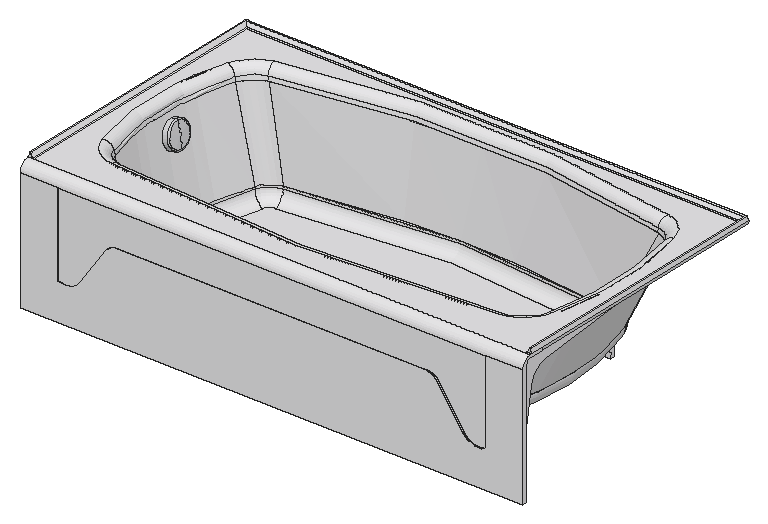
Revit family "Bath-Alcove-KOHLER-Seaforth-K-745", category Plumbing Fixtures, host Face, Revit 2015
Parameters (values of type "0-White")
  Width = 30 1/4"  # constant formula
  Waste Water Outlet = "Waste Water Outlet"  # constant formula
  Waste Connection = 1 = 1  # yes
  Vent Connection = 1 = 0  # no
  URL = "https://www.us.kohler.com/us/"
  Type = 1
  Product Page URL = "http://www.us.kohler.com/us/catalog/productDetails.jsp?productNumber=745"
  Product Name = "Seaforth"  # constant formula
  Product Documentation Link = "https://www.us.kohler.com/webassets/kpna/catalog/pdf/en/K-745_spec.pdf"
  Model = if(Type = 1, "K-745-0", if(Type = 2, "K-745-96", if(Type = 3, "K-745-47", "NA")))  # "K-745-0"
  Material = "Enameled Cast Iron"  # constant formula
  MasterFormat 2004 = "22.41.19"  # constant formula
  MasterFormat 1995 = "15410"  # constant formula
  Manufacturer Address = "444 Highland Dr, Kohler, WI 53044"  # constant formula
  Manufacturer = "KOHLER Co."  # constant formula
  Length = 54"  # constant formula
  Hot Water Inlet = "Hot Water Inlet"  # constant formula
  Height = 14"  # constant formula
  HW Connection = 1 = 0  # no
  Finish = Kohler-Enameled_Cast_Iron-0-White
  Environmental Product Declaration = ""
  Drain Included = 1 = 0  # no
  Description = "54 Inch x 31 Inch alcove bath with left-hand drain"  # constant formula
  Default Elevation = 0"
  Declare Label = ""
  Date Modified = "01/22/2019"  # constant formula
  Date Created = "01/22/2019"  # constant formula
  Copyright = "Copyright KOHLER Co."  # constant formula
  Contact Us = "https://www.us.kohler.com/us/static/contact.jsp"
  Cold Water Inlet = "Cold Water Inlet"  # constant formula
  CW Connection = 1 = 0  # no
  Assembly Code = "D2010500"
  ADA Compliant = 1 = 1  # yes
Types (4): name | Type | Model | Finish
  (no name) | 1 | "K-745-0" | Kohler-Enameled_Cast_Iron-0-White
  0-White | 1 | "K-745-0" | Kohler-Enameled_Cast_Iron-0-White
  96-Biscuit | 2 | "K-745-96" | Kohler-Enameled_Cast_Iron-96-Biscuit
  47-Almond | 3 | "K-745-47" | Kohler-Enameled_Cast_Iron-47-Almond
Reference planes (in)
  plane 1 "Center (Front/Back)": y = 0
  plane 2: z = 0
  plane 3 "Center (Left/Right)": x = 0
  plane 4: y = 14
  plane 5: y = -16.25
  plane 6: x = -27
  plane 7: x = 27
  plane 8: z = 14
  plane 9: x = 18.5
  plane 10: x = -26.125
  plane 11: x = -25.375
Dimensions and locks (in)
  "Length": plane 6 to plane 7
  "Width": plane 5 to plane 4
  "Height": plane 8 to plane 2
  equal spacing: plane 6, plane 3 "Center (Left/Right)", plane 7
  locked: plane 1 "Center (Front/Back)" to plane 4 at 14
  locked: plane 9 to plane 7 at 8.5
  plane 10 to plane 11 = 3/4"
  aligned and locked: plane 2 to host face
  aligned and locked: level to host face
Automatic sketch dimensions
  host sketch curve to host sketch curve = 96"  (x2)
Nested families (in)
  nested 1: "K-745" at (0, -0.5, 0), type "K-745"
Connectors (in)
  piping at (-18.5, 0, 0.500251), diameter 1.5, driven by "Waste Connection", driven by "Waste Water Outlet"
    settings: on nested 1, index 1, connector inside diameter 24", connector length 0", flow factor 0, pipe flow 0 GPM, pressure drop 0.00 psi, fitting loss kfactor 0, connector angle 0.00°, fixture units 0, engagement length 0", angle of deflection 0.00°, flow configuration 0, flow direction 2, fitting loss method 0, system type 16, joint type 0, gender type 0, connector reference index -1, connector utility 1, adjustable connector no, is connector primary yes, connector description "Waste Water Outlet"
Definition of nested family "K-745"
  Parameters (values of type "K-745")
    Material = none
  Reference planes (in)
    plane 1 "Center (Front/Back)": y = 0
    plane 2: z = 0
    plane 3 "Center (Left/Right)": x = 0
    plane 4: x = 27
    plane 5: y = 14.5
    plane 6: x = -27
    plane 7: y = -15.75
    plane 8: x = 18.5
    plane 9 "A": y = 0.5
    plane 10: z = 14
    plane 11: z = 14.4977599
    plane 12: x = -25.375
  Forms (in)
    Extrusion 1, solid, material <- "Material", detail levels medium+fine
      sketch origin (0, 0, 0) x (1, 0, 0) y (0, 1, 0)
        loop
          arc (-18.7434055, 7.6076792) -> (-18.8443218, 7.5571896) -> (-18.9078498, 7.4639292) r 0.2241435
          arc (-18.9078498, 7.4639292) -> (-20.202646, 0.0682491) -> (-18.9537555, -7.3353213) r 22.1616572
          arc (-18.9537555, -7.3353213) -> (-18.8820776, -7.4363138) -> (-18.7677117, -7.4838287) r 0.2241435
          arc (-18.7677117, -7.4838287) -> (-1.629814, -8.5232634) -> (15.5214132, -7.7337257) r 161.1725318
          arc (15.5214132, -7.7337257) -> (15.6403701, -7.684783) -> (15.7128322, -7.5785033) r 0.2241435
          arc (15.7128322, -7.5785033) -> (16.8872341, 0.22983) -> (15.5754453, 8.0162606) r 25.0772691
          arc (15.5754453, 8.0162606) -> (15.5093588, 8.1144833) -> (15.4024537, 8.1653402) r 0.2241435
          arc (15.4024537, 8.1653402) -> (-1.6974825, 9.5401376) -> (-18.7434055, 7.6076792) r 88.9736568
      from 1.220294 to 1.720294
    Sweep 2, solid, material <- "Material", detail levels medium+fine
      path origin (0, 0, 0) x (1, 0, 0) y (0, 1, 0)
        loop
          line (-26.9210288, -14.5788182) -> (-26.921185, 14.4211818) -> (26.921185, 14.4211818) -> (26.921185, -14.5788182)
      profile origin (0, 14.4211818, 0) x (0, 1, 0) y (0, 0, 1)
        loop
          line (-0.5012955, 13.74) -> (0.0329731, 13.74) -> (0.0788182, 14) -> (-0.000683, 14.4450431)
          arc (-0.000683, 14.4450431) -> (-0.0531176, 14.4977599) -> (-0.1208933, 14.4671836) r 0.0652755
          line (-0.1208933, 14.4671836) -> (-0.3665867, 14.0582812)
          arc (-0.3665867, 14.0582812) -> (-0.4104204, 14.0155802) -> (-0.4695983, 14) r 0.1201768
          line (-0.4695983, 14) -> (-0.5012955, 14) -> (-0.5012955, 13.74)
    Extrusion 3, solid, material <- "Material", detail levels medium+fine
      sketch origin (0, 0, 0) x (1, 0, 0) y (0, 1, 0)
        loop
          line (-26.4197405, -13.2529973) -> (26.4197405, -13.2529973) -> (26.4198868, 13.9198863) -> (-26.4198868, 13.9198863) -> (-26.4197405, -13.2529973)
        loop
          arc (24.2270358, -8.0574111) -> (25.1891424, 0.1592917) -> (24.1439195, 8.3658356) r 34.0945421
          arc (24.1439195, 8.3658356) -> (23.0363216, 10.2958132) -> (21.0882257, 11.3712244) r 4.1310289
          arc (21.0882257, 11.3712244) -> (-0.0920437, 13.7854645) -> (-21.2486099, 11.1716409) r 90.3781923
          arc (-21.2486099, 11.1716409) -> (-23.0841769, 10.1769667) -> (-24.1989518, 8.4117585) r 4.13101
          arc (-24.1989518, 8.4117585) -> (-25.5143462, -0.0261443) -> (-24.2238643, -8.467893) r 27.9861285
          arc (-24.2238643, -8.467893) -> (-22.9359572, -10.3947535) -> (-20.8131078, -11.3248109) r 4.13101
          arc (-20.8131078, -11.3248109) -> (-0.0157464, -12.6264492) -> (20.7717505, -11.1757663) r 157.7656469
          arc (20.7717505, -11.1757663) -> (22.9803588, -10.1495215) -> (24.2270358, -8.0574111) r 4.1310289
      from 13.74 to 14
    Extrusion 4, solid, material <- "Material", detail levels medium+fine
      sketch origin (0, 0, 0) x (0, 1, 0) y (0, 0, 1)
        loop
          line (-15.75, 12.9429865) -> (-15.75, 0) -> (-15.44, 0) -> (-15.44, 12.9295367)
          arc (-15.44, 12.9295367) -> (-15.2026208, 13.5026208) -> (-14.6295367, 13.74) r 0.8104633
          line (-14.6295367, 13.74) -> (-13.2530002, 13.74) -> (-13.2530004, 14) -> (-14.6929865, 14)
          arc (-14.6929865, 14) -> (-15.4404079, 13.6904079) -> (-15.75, 12.9429865) r 1.0570135
      from -27.0000066 to 27.0000066
    Extrusion 5, solid, material <- "Material"
      sketch origin (0, 0, 0) x (0, 1, 0) y (0, 0, 1)
        loop
          line (8.4491783, 1.3381982) -> (7.9336462, 1.3381982) -> (8.0625, 0) -> (8.4375, 0) -> (8.4491783, 1.3381982)
        loop
          line (-8.0508217, 1.3381982) -> (-8.5663538, 1.3381982) -> (-8.4375, 0) -> (-8.0625, 0) -> (-8.0508217, 1.3381982)
      from -17.0622469 to -14.6835984
    Extrusion 6, solid, material <- "Material"
      sketch origin (0, 0, 0) x (0, 1, 0) y (0, 0, 1)
        loop
          line (8.6875, 0) -> (8.6991783, 1.3381982) -> (8.1836462, 1.3381982) -> (8.3125, 0) -> (8.6875, 0)
        loop
          line (-8.6875, 0) -> (-8.3125, 0) -> (-8.3008217, 1.3381982) -> (-8.8163538, 1.3381982) -> (-8.6875, 0)
      from 14.8418945 to 17.1572715
    Extrusion 7, solid, material <- "Material", detail levels medium+fine
      sketch origin (0, 0, 0) x (0, 1, 0) y (0, 0, 1)
        loop
          line (-11.4971738, 11.9575688) -> (5.605104, 13.74) -> (-14.6275633, 13.74)
          arc (-14.6275633, 13.74) -> (-15.2020428, 13.5020428) -> (-15.44, 12.9275633) r 0.8124367
          line (-15.44, 12.9275633) -> (-15.44, 0.4352409)
          arc (-15.44, 0.4352409) -> (-15.2595245, 0.6770616) -> (-15.1307376, 0.94994) r 1.509887
          line (-15.1307376, 0.94994) -> (-13.4980797, 10.0972328)
          arc (-13.4980797, 10.0972328) -> (-12.8085413, 11.3618085) -> (-11.4971738, 11.9575688) r 2.2717383
      from -26.0657564 to -25.5544566
    Extrusion 8, solid, material <- "Material", detail levels medium+fine
      sketch origin (0, 0, 0) x (0, 1, 0) y (0, 0, -1)
        loop
          arc (-11.4971738, -11.9575688) -> (-12.8085413, -11.3618085) -> (-13.4980797, -10.0972328) r 2.2717383
          line (-13.4980797, -10.0972328) -> (-15.1307376, -0.94994)
          arc (-15.1307376, -0.94994) -> (-15.2595245, -0.6770616) -> (-15.44, -0.4352409) r 1.509887
          line (-15.44, -0.4352409) -> (-15.44, -12.9275633)
          arc (-15.44, -12.9275633) -> (-15.2020428, -13.5020428) -> (-14.6275633, -13.74) r 0.8124367
          line (-14.6275633, -13.74) -> (5.605104, -13.74) -> (-11.4971738, -11.9575688)
      from -26.0657564 to -25.5544566
    Extrusion 9, void
      sketch origin (0, 0, 0) x (1, 0, 0) y (0, 0, 1)
        loop
          line (-23, 12.938) -> (-23, 3.9952614)
          arc (-23, 3.9952614) -> (-21.6507358, 3.9081887) -> (-20.5543951, 4.6994741) r 2
          line (-20.5543951, 4.6994741) -> (-17.8487485, 8.6474327)
          arc (-17.8487485, 8.6474327) -> (-17.3107352, 9.1264829) -> (-16.6114324, 9.2994653) r 1.5
          line (-16.6114324, 9.2994653) -> (16.6114323, 9.2994653)
          arc (16.6114323, 9.2994653) -> (17.3107352, 9.1264829) -> (17.8487485, 8.6474327) r 1.5
          line (17.8487485, 8.6474327) -> (20.554395, 4.6994741)
          arc (20.554395, 4.6994741) -> (21.6507358, 3.9081887) -> (23, 3.9952614) r 2
          line (23, 3.9952614) -> (23, 12.938) -> (-23, 12.938)
      from 15.6573569 to 15.7963646
    Extrusion 10, solid, material <- "Material", detail levels coarse
      sketch origin (0, 0, 0) x (0, 1, 0) y (0, 0, 1)
        loop
          line (14.5, 14.4977599) -> (-15.75, 14.4977599) -> (-15.75, 0) -> (-15.44, 0) -> (-15.44, 13.74) -> (14.5, 13.74) -> (14.5, 14.4977599)
      from -27 to 27
    Blend 11, solid, material <- "Material", detail levels medium+fine
      base sketch origin (0, 0, 0) x (-1, 0, 0) y (0, -1, 0)
        loop
          arc (-18.2424579, -8.9148989) -> (-17.346591, -10.2464038) -> (-15.8973875, -10.935818) r 3.0384829
          arc (-15.8973875, -10.935818) -> (1.7434394, -12.3541018) -> (19.3285446, -10.3605175) r 91.7879963
          arc (19.3285446, -10.3605175) -> (20.696564, -9.6760821) -> (21.5577478, -8.4118466) r 3.0384829
          arc (21.5577478, -8.4118466) -> (23.0169719, -0.0769788) -> (21.6094832, 8.2667812) r 24.9759967
          arc (21.6094832, 8.2667812) -> (20.6378182, 9.6358323) -> (19.087478, 10.2799432) r 3.0384829
          arc (19.087478, 10.2799432) -> (1.6503242, 11.3375282) -> (-15.8003919, 10.5342038) r 163.9868713
          arc (-15.8003919, 10.5342038) -> (-17.4129686, 9.8707385) -> (-18.3952633, 8.4300141) r 3.0384829
          arc (-18.3952633, 8.4300141) -> (-19.7014644, -0.2546229) -> (-18.2424579, -8.9148989) r 27.8916086
      top sketch origin (0, 0, 0) x (-1, 0, 0) y (0, -1, 0)
        loop
          arc (23.3734299, -8.1493068) -> (24.6481097, 0.0274227) -> (23.3975713, 8.2078793) r 27.1198911
          arc (23.3975713, 8.2078793) -> (22.3797273, 9.7306936) -> (20.7020213, 10.4657259) r 3.2647726
          arc (20.7020213, 10.4657259) -> (0.018851, 11.7602173) -> (-20.6545087, 10.3174996) r 156.8994095
          arc (-20.6545087, 10.3174996) -> (-22.3999929, 9.5064486) -> (-23.3852536, 7.8530339) r 3.2647914
          arc (-23.3852536, 7.8530339) -> (-24.322916, -0.1549078) -> (-23.3042491, -8.1529487) r 33.2283046
          arc (-23.3042491, -8.1529487) -> (-22.4289039, -9.6782284) -> (-20.8893052, -10.528136) r 3.2647914
          arc (-20.8893052, -10.528136) -> (0.0879602, -12.9192367) -> (21.0417495, -10.3304655) r 89.5119549
          arc (21.0417495, -10.3304655) -> (22.4924138, -9.5443659) -> (23.3734299, -8.1493068) r 3.2647726
      from 3.220294 to 12.6797736
    Blend 12, void
      base sketch origin (0, 0, 0) x (-1, 0, 0) y (0, -1, 0)
        loop
          arc (21.0836357, 8.0823475) -> (20.2901727, 9.2003165) -> (19.0241627, 9.7262984) r 2.4812296
          arc (19.0241627, 9.7262984) -> (1.646263, 10.7802896) -> (-15.7451527, 9.979695) r 163.4296179
          arc (-15.7451527, 9.979695) -> (-17.0619852, 9.4379083) -> (-17.8641284, 8.2614107) r 2.4812296
          arc (-17.8641284, 8.2614107) -> (-19.1442326, -0.2497138) -> (-17.714376, -8.736964) r 27.3343552
          arc (-17.714376, -8.736964) -> (-16.9828098, -9.8242728) -> (-15.7993881, -10.3872494) r 2.4812296
          arc (-15.7993881, -10.3872494) -> (1.7343397, -11.7969227) -> (19.2126841, -9.8154417) r 91.2307429
          arc (19.2126841, -9.8154417) -> (20.3298107, -9.2565307) -> (21.0330547, -8.2241542) r 2.4812296
          arc (21.0330547, -8.2241542) -> (22.4597212, -0.0752503) -> (21.0836357, 8.0823475) r 24.4187433
      top sketch origin (0, 0, 0) x (-1, 0, 0) y (0, -1, 0)
        loop
          arc (23.0188472, -8.0365771) -> (24.276039, 0.0279719) -> (23.0426574, 8.0961967) r 26.74782
          arc (23.0426574, 8.0961967) -> (22.1408123, 9.4454629) -> (20.6543068, 10.096727) r 2.8927015
          arc (20.6543068, 10.096727) -> (-0.0712366, 11.3877942) -> (-20.7852972, 9.9239992) r 156.5273383
          arc (-20.7852972, 9.9239992) -> (-22.3306521, 9.2038991) -> (-23.2020403, 7.7385156) r 2.8927015
          arc (-23.2020403, 7.7385156) -> (-24.1227773, -0.142271) -> (-23.1274747, -8.0139878) r 32.8562335
          arc (-23.1274747, -8.0139878) -> (-22.3546171, -9.3658881) -> (-20.9928382, -10.1212035) r 2.8927015
          arc (-20.9928382, -10.1212035) -> (-0.0108996, -12.5475746) -> (20.9528976, -9.9691592) r 89.1398838
          arc (20.9528976, -9.9691592) -> (22.2382364, -9.2726478) -> (23.0188472, -8.0365771) r 2.8927015
      from 3.220294 to 12.9128406
    Sweep 13, solid, material <- "Material", detail levels medium+fine
      path origin (0, 0, 0) x (-1, 0, 0) y (0, 1, 0)
        loop
          arc (23.2679522, -8.1670913) -> (24.5122247, -0.0276233) -> (23.2439317, 8.1081365) r 26.9840059
          arc (23.2439317, 8.1081365) -> (22.3995849, 9.4451309) -> (21.0092996, 10.1985117) r 3.1288874
          arc (21.0092996, 10.1985117) -> (0.0873196, 12.783353) -> (-20.8581008, 10.3958822) r 89.3760697
          arc (-20.8581008, 10.3958822) -> (-22.3336193, 9.5813489) -> (-23.1725314, 8.1195535) r 3.1289063
          arc (-23.1725314, 8.1195535) -> (-24.1870326, 0.1542201) -> (-23.2532047, -7.8209735) r 33.0924194
          arc (-23.2532047, -7.8209735) -> (-22.3089519, -9.4055708) -> (-20.6361172, -10.1828648) r 3.1289063
          arc (-20.6361172, -10.1828648) -> (0.0193381, -11.624333) -> (20.6845953, -10.3309627) r 156.7635243
          arc (20.6845953, -10.3309627) -> (22.2924724, -9.6265236) -> (23.2679522, -8.1670913) r 3.1288874
      profile origin (-24.5122247, -0.0276233, 0) x (-0.999999, 0.001476, 0) y (0, 0, 1)
        loop
          arc (0.2135506, 13.1202361) -> (0.4700657, 13.5645333) -> (0.9521564, 13.74) r 0.75
          line (0.9521564, 13.74) -> (1.0021226, 13.74) -> (1.0021226, 14) -> (0.8337506, 14)
          arc (0.8337506, 14) -> (0.1524838, 13.7520392) -> (-0.2100107, 13.1241802) r 1.059863
          line (-0.2100107, 13.1241802) -> (-0.2883716, 12.6797736) -> (0.1358852, 12.6797736) -> (0.2135506, 13.1202361)
    Revolve 14, solid, detail levels medium+fine
      sketch origin (0, 0.5, 0) x (1, 0, 0) y (0, 0, 1)
        loop
          line (-19.1284347, 1.8052986) -> (-19.1284347, 1.5602986) -> (-18.6605321, 1.5602986) -> (-18.6605321, 1.3102986) -> (-18.5, 1.3102986) -> (-18.5, 1.9896896)
          arc (-18.5, 1.9896896) -> (-19.1736871, 1.9676722) -> (-19.8444991, 1.9017137) r 10.3176926
          arc (-19.8444991, 1.9017137) -> (-19.8865009, 1.8505514) -> (-19.8381902, 1.8052986) r 0.0484139
          line (-19.8381902, 1.8052986) -> (-19.1284347, 1.8052986)
        axis (-18.5, 1.9896896) -> (-18.5, 1.3102986)
      angle from 0 to 360
    Revolve 15, solid, material <- "Material", detail levels medium+fine
      sketch origin (0, 0.5, 0) x (1, 0, 0) y (0, 0, 1)
        loop
          line (-18.5, 0.500251) -> (-17.7027952, 0.500251) -> (-17.7027952, 0.25) -> (-16.8643302, 0.25)
          arc (-16.8643302, 0.25) -> (-16.5413782, 0.8241599) -> (-16.0198134, 1.2265625) r 1.6526759
          line (-16.0198134, 1.2265625) -> (-18.5, 1.2265625) -> (-18.5, 0.500251)
        axis (-18.5, 1.2265625) -> (-18.5, 0.25)
      angle from 0 to 360
    Revolve 16, solid, detail levels medium+fine
      sketch origin (0, 0.5, 0) x (1, 0, 0) y (0, 0, 1)
        loop
          line (-23.6541463, 11.6232654) -> (-23.9426949, 11.5723865) -> (-23.8022788, 10.7760472) -> (-22.8056528, 10.9517821)
          arc (-22.8056528, 10.9517821) -> (-22.9372656, 11.6015581) -> (-23.101589, 12.2438421) r 13.0977419
          arc (-23.101589, 12.2438421) -> (-23.1563949, 12.3189974) -> (-23.2469164, 12.3403954) r 0.1340557
          line (-23.2469164, 12.3403954) -> (-23.7692862, 12.2762564) -> (-23.6541463, 11.6232654)
        axis (-22.8056528, 10.9517821) -> (-23.8022788, 10.7760472)
      angle from 0 to 360
    Sweep 17, solid, material <- "Material", detail levels medium+fine
      path origin (0, 0, 0) x (-1, 0, 0) y (0, 1, 0)
        loop
          arc (-15.6231039, -8.7545296) -> (1.6372902, -9.5490927) -> (18.8842699, -8.503042) r 162.1983883
          arc (18.8842699, -8.503042) -> (19.5220636, -8.2380616) -> (19.9217964, -7.6748483) r 1.25
          arc (19.9217964, -7.6748483) -> (21.2284976, 0.0714311) -> (19.8737657, 7.8094551) r 23.1875138
          arc (19.8737657, 7.8094551) -> (19.5194837, 8.3295483) -> (18.9566949, 8.6111179) r 1.25
          arc (18.9566949, 8.6111179) -> (1.7142343, 10.5658573) -> (-15.5828623, 9.1752087) r 89.9995134
          arc (-15.5828623, 9.1752087) -> (-16.1790494, 8.8915909) -> (-16.5475997, 8.3438238) r 1.25
          arc (-16.5475997, 8.3438238) -> (-17.9130508, 0.2388673) -> (-16.6906068, -7.888888) r 26.1031257
          arc (-16.6906068, -7.888888) -> (-16.286501, -8.4815869) -> (-15.6231039, -8.7545296) r 1.25
      profile origin (-1.6372902, -9.5490927, 0) x (-0.007288, -0.999973, 0) y (0, 0, 1)
        loop
          line (-0.1108936, 1.720294) -> (-1.0258565, 1.720294) -> (-1.0258565, 1.220294) -> (-0.2133127, 1.220294)
          arc (-0.2133127, 1.220294) -> (1.1706332, 1.7764472) -> (1.7848932, 3.1356003) r 2
          line (1.7848932, 3.1356003) -> (1.7884829, 3.220294) -> (1.2355746, 3.220294) -> (1.2201519, 2.9714111)
          arc (1.2201519, 2.9714111) -> (0.802476, 2.0821719) -> (-0.1108936, 1.720294) r 1.3335987
    Revolve 18, void
      sketch origin (0, 0.5, 0.3066406) x (-1, 0, 0) y (0, 0, 1)
        loop
          line (18.5, 1.4136534) -> (16.8253787, 1.4136534)
          arc (16.8253787, 1.4136534) -> (17.0196507, 1.3863503) -> (17.1988711, 1.3065562) r 0.70481
          line (17.1988711, 1.3065562) -> (17.3956522, 1.1835938) -> (18.5, 1.1835938) -> (18.5, 1.4136534)
        axis (18.5, 1.4136534) -> (18.5, 1.1835938)
      angle from 0 to 360
    Extrusion 19, solid, material <- "Material", detail levels coarse
      sketch origin (0, 0, 0) x (-1, 0, 0) y (0, -1, 0)
        loop
          circle (18.5, -0.5) r 1.6356698
      from 0 to 1.0300251
    Blend 20, solid, material <- "Material", detail levels coarse
      base sketch origin (0, 0, 0) x (-1, 0, 0) y (0, -1, 0)
        loop
          arc (-18.3952633, 8.4300141) -> (-19.7014644, -0.2546229) -> (-18.2424579, -8.9148989) r 27.8916086
          arc (-18.2424579, -8.9148989) -> (-17.346591, -10.2464038) -> (-15.8973875, -10.935818) r 3.0384829
          arc (-15.8973875, -10.935818) -> (1.7434394, -12.3541018) -> (19.3285446, -10.3605175) r 91.7879963
          arc (19.3285446, -10.3605175) -> (20.696564, -9.6760821) -> (21.5577478, -8.4118466) r 3.0384829
          arc (21.5577478, -8.4118466) -> (23.0169719, -0.0769788) -> (21.6094832, 8.2667812) r 24.9759967
          arc (21.6094832, 8.2667812) -> (20.6378182, 9.6358323) -> (19.087478, 10.2799432) r 3.0384829
          arc (19.087478, 10.2799432) -> (1.6503242, 11.3375282) -> (-15.8003919, 10.5342038) r 163.9868713
          arc (-15.8003919, 10.5342038) -> (-17.4129686, 9.8707385) -> (-18.3952633, 8.4300141) r 3.0384829
      top sketch origin (0, 0, 0) x (-1, 0, 0) y (0, -1, 0)
        loop
          arc (-23.3042491, -8.1529487) -> (-22.4289039, -9.6782284) -> (-20.8893052, -10.528136) r 3.2647914
          arc (-20.8893052, -10.528136) -> (0.0879602, -12.9192367) -> (21.0417495, -10.3304655) r 89.5119549
          arc (21.0417495, -10.3304655) -> (22.4924138, -9.5443659) -> (23.3734299, -8.1493068) r 3.2647726
          arc (23.3734299, -8.1493068) -> (24.6481097, 0.0274227) -> (23.3975713, 8.2078793) r 27.1198911
          arc (23.3975713, 8.2078793) -> (22.3797273, 9.7306936) -> (20.7020213, 10.4657259) r 3.2647726
          arc (20.7020213, 10.4657259) -> (0.018851, 11.7602173) -> (-20.6545087, 10.3174996) r 156.8994095
          arc (-20.6545087, 10.3174996) -> (-22.3999929, 9.5064486) -> (-23.3852536, 7.8530339) r 3.2647914
          arc (-23.3852536, 7.8530339) -> (-24.322916, -0.1549078) -> (-23.3042491, -8.1529487) r 33.2283046
      from 0.500251 to 13.74
    Blend 21, void
      base sketch origin (0, 0, 0) x (-1, 0, 0) y (0, -1, 0)
        loop
          arc (-15.7012643, 9.539129) -> (-16.7831233, 9.0940179) -> (-17.4421334, 8.1274526) r 2.0384829
          arc (-17.4421334, 8.1274526) -> (-18.7015032, -0.2458134) -> (-17.2948066, -8.5955919) r 26.8916086
          arc (-17.2948066, -8.5955919) -> (-16.6937799, -9.488883) -> (-15.7215261, -9.951403) r 2.0384829
          arc (-15.7215261, -9.951403) -> (1.7271098, -11.3542351) -> (19.1206311, -9.3823703) r 90.7879963
          arc (19.1206311, -9.3823703) -> (20.0384195, -8.9231905) -> (20.6161777, -8.0750296) r 2.0384829
          arc (20.6161777, -8.0750296) -> (22.0169767, -0.0738769) -> (20.6658416, 7.9358119) r 23.9759967
          arc (20.6658416, 7.9358119) -> (20.0139629, 8.8542924) -> (18.9738576, 9.286419) r 2.0384829
          arc (18.9738576, 9.286419) -> (1.6430364, 10.3375548) -> (-15.7012643, 9.539129) r 162.9868713
      top sketch origin (0, 0, 0) x (-1, 0, 0) y (0, -1, 0)
        loop
          arc (-22.4134852, 7.6170971) -> (-23.3229288, -0.149847) -> (-22.3349185, -7.9071883) r 32.2283046
          arc (-22.3349185, -7.9071883) -> (-21.72769, -8.9652774) -> (-20.6596677, -9.5548598) r 2.2647914
          arc (-20.6596677, -9.5548598) -> (0.083246, -11.9192478) -> (20.8029461, -9.3593976) r 88.5119549
          arc (20.8029461, -9.3593976) -> (21.8092718, -8.8140803) -> (22.4204327, -7.8463279) r 2.2647726
          arc (22.4204327, -7.8463279) -> (23.6481108, 0.0288986) -> (22.4436839, 7.9077147) r 26.1198911
          arc (22.4436839, 7.9077147) -> (21.7376055, 8.9640909) -> (20.573781, 9.4739828) r 2.2647726
          arc (20.573781, 9.4739828) -> (0.0224351, 10.7602237) -> (-20.5191628, 9.3267012) r 155.8994095
          arc (-20.5191628, 9.3267012) -> (-21.7300082, 8.7640737) -> (-22.4134852, 7.6170971) r 2.2647914
      from 1.8052986 to 14.9342437
    Revolve 22, solid, detail levels coarse
      sketch origin (0, 0.5, 0) x (-1, 0, 0) y (0, 0, 1)
        loop
          line (23.8022788, 10.7760472) -> (24.0578386, 12.225376) -> (22.9353327, 12.4233072) -> (22.6797729, 10.9739784) -> (23.8022788, 10.7760472)
        axis (22.6797729, 10.9739784) -> (23.8022788, 10.7760472)
      angle from 0 to 360
  Cuts and joins
    Revolve 18 cuts Extrusion 1
    Blend 12, Revolve 18 cuts Sweep 2
    Blend 12, Revolve 18 cuts Extrusion 3
    Extrusion 9, Blend 12, Revolve 18 cuts Extrusion 4
    Blend 12, Revolve 18 cuts Extrusion 7
    Blend 12, Revolve 18 cuts Extrusion 8
    Revolve 18 cuts Sweep 13
    Revolve 18 cuts Sweep 17
    joined: Extrusion 1, Sweep 2, Extrusion 3, Extrusion 4, Extrusion 7, Extrusion 8, Sweep 13, Sweep 17
    joined: Extrusion 5, Extrusion 6
    Blend 21 cuts Extrusion 10
    Blend 21 cuts Blend 20
    joined: Extrusion 10, Blend 20
    Blend 12 cuts Blend 11
  Lines and regions (in)
    Masking region 1
      outline origin (0, 0, 0) x (1, 0, 0) y (0, 0, 1)
        loop
          line (-27, 13.9991434) -> (-27, 0) -> (27, 0) -> (27, 14.0000179) -> (26.920502, 14.4450431)
          arc (26.920502, 14.4450431) -> (26.9025242, 14.4795969) -> (26.8680674, 14.4977599) r 0.0652755
          line (26.8680674, 14.4977599) -> (-26.8679112, 14.4977599)
          arc (-26.8679112, 14.4977599) -> (-26.902368, 14.4795969) -> (-26.9203458, 14.4450431) r 0.0652755
          line (-26.9203458, 14.4450431) -> (-27, 13.9991434)
    Masking region 2
      outline origin (0, 0, 0) x (0, 1, 0) y (0, 0, 1)
        loop
          line (12.3600386, 3.1126692) -> (12.9202313, 12.6797736)
          arc (12.9202313, 12.6797736) -> (12.9626278, 12.9890247) -> (13.0524121, 13.287977) r 2.0091894
          arc (13.0524121, 13.287977) -> (13.3083414, 13.6134284) -> (13.7025469, 13.74) r 0.7076793
          line (13.7025469, 13.74) -> (14.454155, 13.74) -> (14.5, 14) -> (14.4204988, 14.4450431)
          arc (14.4204988, 14.4450431) -> (14.402521, 14.4795969) -> (14.3680642, 14.4977599) r 0.0652755
          line (14.3680642, 14.4977599) -> (-13.6951343, 14.4977599)
          arc (-13.6951343, 14.4977599) -> (-14.2472971, 14.3662623) -> (-14.6809183, 14) r 1.2250234
          arc (-14.6809183, 14) -> (-15.4368732, 13.6868732) -> (-15.75, 12.9309183) r 1.0690817
          line (-15.75, 12.9309183) -> (-15.75, 0) -> (-15.44, 0) -> (-15.44, 0.4352409)
          arc (-15.44, 0.4352409) -> (-15.2595245, 0.6770616) -> (-15.1307376, 0.94994) r 1.509887
          line (-15.1307376, 0.94994) -> (-13.4980797, 10.0972328)
          arc (-13.4980797, 10.0972328) -> (-12.8913153, 11.2808192) -> (-11.725939, 11.9218636) r 2.2717383
          line (-11.725939, 11.9218636) -> (-11.3386673, 3.1474359)
          arc (-11.3386673, 3.1474359) -> (-10.7930731, 1.8781225) -> (-9.5437349, 1.288221) r 1.951389
          arc (-9.5437349, 1.288221) -> (-9.1749574, 1.2594441) -> (-8.8061001, 1.2317088) r 130.9743856
          line (-8.8061001, 1.2317088) -> (-8.6875, 0) -> (-8.0625, 0) -> (-8.0522173, 1.1782795)
          arc (-8.0522173, 1.1782795) -> (-4.8104557, 0.9982623) -> (-1.565228, 0.898655) r 130.9743856
          arc (-1.565228, 0.898655) -> (-1.3170854, 0.5964218) -> (-1.1356698, 0.25) r 1.9107299
          line (-1.1356698, 0.25) -> (2.1356698, 0.25)
          arc (2.1356698, 0.25) -> (2.3129767, 0.590191) -> (2.5546662, 0.8881066) r 1.9107299
          arc (2.5546662, 0.8881066) -> (5.2579673, 0.9516222) -> (7.9593809, 1.0709325) r 130.9743856
          line (7.9593809, 1.0709325) -> (8.0625, 0) -> (8.6875, 0) -> (8.6875, 1.1126588)
          arc (8.6875, 1.1126588) -> (9.59961, 1.1706719) -> (10.511293, 1.2350484) r 130.9743856
          arc (10.511293, 1.2350484) -> (11.7885878, 1.8263643) -> (12.3600386, 3.1126692) r 2
    Masking region 3
      outline origin (0, 0, 0) x (1, 0, 0) y (0, 1, 0)
        loop
          line (-27, 14.5) -> (-27, -15.75) -> (27, -15.75) -> (27, 14.5) -> (-27, 14.5)
    symbolic lines, detail levels medium+fine
      curve 1: line (-23, 0, 12.938) -> (-23, 0, 3.9952614)
      curve 2: arc (-23, 0, 3.9952614) -> (-21.6507358, 0, 3.9081887) -> (-20.5543951, 0, 4.6994741) r 2
      curve 3: line (-20.5543951, 0, 4.6994741) -> (-17.8487485, 0, 8.6474327)
      curve 4: arc (-17.8487485, 0, 8.6474327) -> (-17.3107352, 0, 9.1264829) -> (-16.6114324, 0, 9.2994653) r 1.5
      curve 5: line (-16.6114324, 0, 9.2994653) -> (16.6114323, 0, 9.2994653)
      curve 6: arc (16.6114323, 0, 9.2994653) -> (17.3107352, 0, 9.1264829) -> (17.8487485, 0, 8.6474327) r 1.5
      curve 7: line (17.8487485, 0, 8.6474327) -> (20.554395, 0, 4.6994741)
      curve 8: arc (20.554395, 0, 4.6994741) -> (21.6507358, 0, 3.9081887) -> (23, 0, 3.9952614) r 2
      curve 9: line (23, 0, 3.9952614) -> (23, 0, 12.938)
      curve 10: line (23, 0, 12.938) -> (-23, 0, 12.938)
      curve 11: line (-27.0000066, 0, 14) -> (27.0000066, 0, 14)
      curve 12: line (0, 14.5, 14) -> (0, -14.6809183, 14)
      curve 13: line (0, 13.7025469, 13.74) -> (0, -14.6295367, 13.74)
      curve 14: arc (0, -15.44, 12.9295367) -> (0, -15.2026208, 13.5026208) -> (0, -14.6295367, 13.74) r 0.8104633
      curve 15: line (0, -15.44, 0.4352409) -> (0, -15.44, 12.9295367)
      curve 16: line (0, -11.725939, 11.9218636) -> (0, 5.605104, 13.74)
      curve 17: line (0, 8.4375, 1.3381982) -> (0, 7.9336462, 1.3381982)
      curve 18: line (0, 7.9336462, 1.3381982) -> (0, 7.9593809, 1.0709325)
      curve 19: line (0, 8.6875, 1.1126588) -> (0, 8.4375, 1.1015624)
      curve 20: line (0, 8.4375, 0) -> (0, 8.4375, 1.3381982)
      curve 21: line (0, 2.5546662, 0.8881066) -> (0, -1.565228, 0.898655)
      curve 22: line (0, -8.5663538, 1.3381982) -> (0, -8.0508217, 1.3381982)
      curve 23: line (0, -8.0508217, 1.3381982) -> (0, -8.0522173, 1.1782795)
      curve 24: line (0, -8.5549308, 1.2195656) -> (0, -8.8061001, 1.2317088)
      curve 25: line (0, -8.5663538, 1.3381982) -> (0, -8.4375, 0)
      curve 26: line (-26.125, -15.75, 0) -> (-26.125, 13.625, 0)
      curve 27: line (-26.125, 13.625, 0) -> (26.125, 13.625, 0)
      curve 28: line (26.125, -15.75, 0) -> (26.125, 13.625, 0)
      curve 29: arc (-23.3975713, -8.2078793, 0) -> (-22.3797273, -9.7306936, 0) -> (-20.7020213, -10.4657259, 0) r 3.2647726
      curve 30: arc (-20.7020213, -10.4657259, 0) -> (-0.018851, -11.7602173, 0) -> (20.6545087, -10.3174996, 0) r 156.8994095
      curve 31: arc (20.6545087, -10.3174996, 0) -> (22.3999929, -9.5064486, 0) -> (23.3852536, -7.8530339, 0) r 3.2647914
      curve 32: arc (23.3852536, -7.8530339, 0) -> (24.322916, 0.1549078, 0) -> (23.3042491, 8.1529487, 0) r 33.2283046
      curve 33: arc (23.3042491, 8.1529487, 0) -> (22.4289039, 9.6782284, 0) -> (20.8893052, 10.528136, 0) r 3.2647914
      curve 34: arc (20.8893052, 10.528136, 0) -> (-0.0879602, 12.9192367, 0) -> (-21.0417495, 10.3304655, 0) r 89.5119549
      curve 35: arc (-21.0417495, 10.3304655, 0) -> (-22.4924138, 9.5443659, 0) -> (-23.3734299, 8.1493068, 0) r 3.2647726
      curve 36: arc (-19.005674, 8.8415445, 0) -> (-1.7180811, 10.8014005, 0) -> (15.6242908, 9.4071118, 0) r 90.235088
      curve 37: arc (-20.0955757, 7.8888006, 0) -> (-19.6745259, 8.5069105, 0) -> (-19.005674, 8.8415445, 0) r 1.4855746
      curve 38: arc (-20.1440944, -7.7528163, 0) -> (-21.4640711, 0.0721619, 0) -> (-20.0955757, 7.8888006, 0) r 23.4230884
      curve 39: arc (-18.911036, -8.7370911, 0) -> (-19.6690281, -8.4221725, 0) -> (-20.1440944, -7.7528163, 0) r 1.4855746
      curve 40: arc (15.6464558, -8.9889439, 0) -> (-1.639007, -9.7846611, 0) -> (-18.911036, -8.7370911, 0) r 162.4339629
      curve 41: arc (16.9151399, -7.9601638, 0) -> (16.4348766, -8.6645626, 0) -> (15.6464558, -8.9889439, 0) r 1.4855746
      curve 42: arc (16.7708422, 8.4190444, 0) -> (18.1486163, 0.2409426, 0) -> (16.9151399, -7.9601638, 0) r 26.3387003
      curve 43: arc (15.6242908, 9.4071118, 0) -> (16.3328351, 9.0700435, 0) -> (16.7708422, 8.4190444, 0) r 1.4855746
      curve 44: circle (-18.5, 0.5, 0) r 1.6356698 normal (0, 0, 1)
      curve 45: spline (-23.8022767, 1.3086214, 0) -> (-23.8386195, 1.2810683, 0) -> (-23.8724856, 1.2002866, 0) -> (-23.901567, 1.0717816, 0) -> (-23.923882, 0.9043107, 0) -> (-23.9379098, 0.7092866, 0) -> (-23.9426945, 0.5, 0) -> (-23.9379098, 0.2907134, 0) -> (-23.923882, 0.0956893, 0) -> (-23.901567, -0.0717816, 0) -> (-23.8724856, -0.2002866, 0) -> (-23.8386195, -0.2810683, 0) -> (-23.8022767, -0.3086214, 0)
      curve 46: arc (-22.6694067, 1.1547868, 0) -> (-22.628832, 0.5005294, 0) -> (-22.6694067, -0.153728, 0) r 5.2951625
      curve 47: arc (-22.742108, 1.6094218, 0) -> (-22.7018136, 1.382735, 0) -> (-22.6694067, 1.1547868, 0) r 6.6365137
      curve 48: arc (-22.8392961, 1.8490773, 0) -> (-22.7791629, 1.7339291, 0) -> (-22.742108, 1.6094218, 0) r 0.6776131
      curve 49: arc (-22.9962765, 1.94719, 0) -> (-22.9069469, 1.9154766, 0) -> (-22.8392961, 1.8490773, 0) r 0.2196764
      curve 50: arc (-22.6694067, -0.153728, 0) -> (-22.7000936, -0.3715991, 0) -> (-22.737759, -0.5883728, 0) r 6.8527104
      curve 51: arc (-22.737759, -0.5883728, 0) -> (-22.7746891, -0.7187561, 0) -> (-22.8338585, -0.8406685, 0) r 0.7716443
      curve 52: arc (-22.8338585, -0.8406685, 0) -> (-22.91712, -0.9198884, 0) -> (-23.0292887, -0.9449177, 0) r 0.2150535
      curve 53: line (-22.9962765, 1.94719, 0) -> (-23.5137264, 1.9716877, 0)
      curve 54: line (-23.5137264, -0.9716877, 0) -> (-23.0292887, -0.9449177, 0)
      curve 55: spline (-23.5137264, -0.9716877, 0) -> (-23.5798701, -0.9215412, 0) -> (-23.6415063, -0.774519, 0) -> (-23.6944345, -0.5406404, 0) -> (-23.7350477, -0.2358439, 0) -> (-23.7605782, 0.1190992, 0) -> (-23.7692862, 0.5, 0) -> (-23.7605782, 0.8809008, 0) -> (-23.7350477, 1.2358439, 0) -> (-23.6944345, 1.5406404, 0) -> (-23.6415063, 1.774519, 0) -> (-23.5798701, 1.9215412, 0) -> (-23.5137264, 1.9716877, 0)
      curve 56: line (-23.8022767, 1.3086214, 0) -> (-23.7272531, 1.3086214, 0)
      curve 57: line (-23.8022767, -0.3086214, 0) -> (-23.7275504, -0.3060119, 0)
      curve 58: arc (-23.3734299, 8.1493068, 0) -> (-24.8673967, 4.1610663, 0) -> (-25.375, -0.0674486, 0) r 17.8663128
      curve 59: arc (-25.375, -0.0674486, 0) -> (-24.8735577, -4.2560294, 0) -> (-23.3975713, -8.2078793, 0) r 17.7444668
  Dimensions and locks (in)
    plane 3 "Center (Left/Right)" to plane 4 = 27"
    plane 5 to plane 9 "A" = 14"
    plane 5 to plane 7 = 30 1/4"
    plane 8 to plane 4 = 8 1/2"
    plane 6 to plane 4 = 54"
    plane 10 to plane 2 = 14"
    plane 11 to plane 10 = 0.49776"
    plane 6 to curve 26 = 7/8"
    plane 5 to curve 27 = 7/8"
    aligned and locked: plane 2 to level
